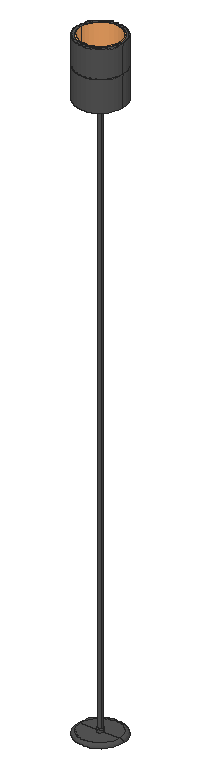
Revit family "MELO CYLINDER PENDANT LIGHT", category Lighting Fixtures, host Face, Revit 2020 (continued)
Types (16): name | Wattage_Input | Wattage Comments | Wattage | Voltage_Input | Size 08 | Size 06 | Size 04 | Selectable Wattage | Photometric Web File | Pendent Rod Length_1 | Pendent | Order number | built-in parameter 1150142 | Model | built-in parameter 1150105 | Lumens | built-in parameter 1150106 | Fixture Diameter | Canopy for Surface Mount J-box | Canopy for Recessed J-Box | Canopy Height | C2 H | C1 H | BEAMING ANGLE
    1.60 17775.45 \r\n 15425.62 13091.00 10821.40 8758.33  6903.90  5309.42  4032.41  3072.55  2472.20  2079.15  \r\n 1804.52  1600.51  1438.95  1313.67  1188.70  1078.42  974.13   878.99   795.29   722.06   \r\n 661.68   606.12   519.05   459.94   390.24   343.55   310.89   283.19   250.97   196.76   \r\n 156.96   136.31   115.85   104.86   96.59    90.36    85.15    79.30    67.75    58.51    \r\n 53.40    49.76    47.74    45.87    44.32    42.73    40.82    39.02    37.45    35.29    \r\n 33.57    31.79    30.09    28.39    26.74    25.16    23.60    22.11    20.66    19.25    \r\n 17.86    16.56    15.27    14.05    12.82    11.69    10.57    9.50     8.45     7.44     \r\n 6.49     5.55     4.63     3.74     2.92     2.11     1.36     0.63     0.15     0.14     \r\n 0.14     0.14     0.14     0.14     0.14     0.14     0.14     0.14     0.14     0.14     \r\n 0.14     0.14     0.14     0.15     0.15     0.16     0.17     0.17     0.19     0.20     \r\n 0.22     0.22     0.22     0.22     0.22     0.23     0.24     0.27     0.28     0.29     \r\n 0.30     0.32     0.36     0.36     0.42     0.45     0.47     0.50     0.55     0.59     \r\n 0.65     0.72     0.77     0.84     0.91     0.99     1.08     1.18     1.28     1.40     \r\n 1.54     1.70     1.89     2.15     2.46     2.85     3.33     3.90     4.57     5.35     \r\n 6.24     7.18     8.26     9.46     10.72    12.05    13.44    14.84    16.29    17.74    \r\n 19.17    20.53    21.85    23.09    24.25    25.29    26.17    26.92    27.53    28.02    \r\n 28.37    28.62    28.77    28.83    28.91    28.99    29.06    29.06    29.06    29.03    \r\n 29.49    \r\n28987.79 28895.87 28654.33 28290.88 27838.22 27168.91 26167.77 24857.62 23169.49 21227.28 \r\n 19009.39 16649.63 14214.30 11905.39 9597.87  7601.03  5916.12  4482.60  3402.48  2692.07  \r\n 2240.53  1934.01  1705.56  1526.75  1394.43  1262.61  1146.72  1040.15  939.44   846.38   \r\n 770.01   704.78   643.55   567.70   494.33   442.33   366.63   331.54   301.90   273.71   \r\n 220.82   174.69   149.37   124.31   111.43   101.97   94.83    89.19    83.80    74.67    \r\n 63.77    56.35    52.13    49.54    47.62    45.79    44.18    42.45    40.34    38.68    \r\n 36.82    35.04    33.24    31.44    29.72    28.02    26.36    24.76    23.20    21.68    \r\n 20.23    18.79    17.42    16.11    14.81    13.58    12.38    11.22    10.10    9.03     \r\n 7.99     6.97     6.03     5.07     4.16     3.30     2.45     1.67     0.91     0.24     \r\n 0.15     0.15     0.15     0.15     0.15     0.15     0.15     0.15     0.15     0.15     \r\n 0.15     0.15     0.15     0.15     0.16     0.17     0.17     0.19     0.21     0.21     \r\n 0.22     0.22     0.22     0.22     0.24     0.25     0.28     0.30     0.30     0.30     \r\n 0.30     0.31     0.39     0.39     0.39     0.44     0.44     0.48     0.53     0.59     \r\n 0.61     0.67     0.71     0.76     0.82     0.89     0.97     1.05     1.16     1.25     \r\n 1.35     1.48     1.64     1.80     2.04     2.33     2.68     3.11     3.61     4.20     \r\n 4.89     5.67     6.54     7.47     8.54     9.64     10.86    12.10    13.42    14.76    \r\n 16.08    17.45    18.78    20.05    21.24    22.37    23.42    24.32    25.08    25.69    \r\n 26.21    26.61    26.94    27.19    27.43    27.71    28.02    28.31    28.56    28.76    \r\n 29.49    \r\n28884.70 28784.85 28491.04 28195.93 27753.90 27086.66 26051.06 24705.40 23011.28 20992.49 \r\n 18720.20 16339.82 13913.70 11528.58 9318.65  7360.58  5709.34  4320.30  3474.52  2631.82  \r\n 2203.61  1908.55  1690.34  1517.40  1376.15  1255.19  1141.59  1035.20  935.51   843.81   \r\n 770.08   706.29   646.02   563.97   494.15   438.06   364.45   329.84   301.12   257.81   \r\n 214.48   169.90   140.62   122.42   109.74   100.67   93.73    88.26    82.81    73.27    \r\n 62.73    55.87    51.66    49.14    47.34    45.60    44.05    42.27    40.23    38.58    \r\n 36.66    34.91    33.08    31.30    29.55    27.87    26.20    24.59    23.04    21.51    \r\n 20.04    18.62    17.25    15.91    14.65    13.39    12.20    11.07    9.94     8.88     \r\n 7.82     6.83     5.89     4.98     4.08     3.22     2.39     1.60     0.84     0.16     \r\n 0.11     0.12     0.12     0.12     0.14     0.13     0.14     0.14     0.15     0.15     \r\n 0.15     0.16     0.17     0.18     0.18     0.18     0.19     0.20     0.20     0.21     \r\n 0.21     0.22     0.23     0.25     0.25     0.26     0.27     0.28     0.28     0.30     \r\n 0.33     0.34     0.35     0.37     0.41     0.43     0.46     0.50     0.53     0.57     \r\n 0.62     0.66     0.72     0.78     0.85     0.92     1.00     1.08     1.17     1.27     \r\n 1.39     1.52     1.66     1.84     2.07     2.36     2.71     3.13     3.64     4.23     \r\n 4.92     5.72     6.62     7.59     8.64     9.77     10.98    12.23    13.54    14.88    \r\n 16.24    17.60    18.92    20.19    21.39    22.47    23.47    24.35    25.12    25.73    \r\n 26.26    26.65    26.98    27.25    27.52    27.82    28.13    28.41    28.67    28.87    \r\n 29.49    \r\n28792.63 28634.78 28323.15 27963.59 27469.34 26698.05 25561.71 24120.58 22241.46 20162.99 \r\n 17809.50 15411.23 13025.37 10639.66 8547.63  6700.85  5173.77  3923.87  3037.54  2461.09  \r\n 2083.26  1818.36  1616.16  1454.99  1332.28  1209.99  1098.73  994.86   895.96   811.37   \r\n 743.19   681.62   624.50   532.25   476.01   395.33   350.64   318.94   290.81   252.67   \r\n 198.23   159.46   138.44   117.62   106.39   98.00    91.72    86.21    80.12    67.97    \r\n 59.06    53.99    50.43    48.36    46.51    44.98    43.51    41.68    40.05    38.28    \r\n 36.01    34.22    32.42    30.63    28.92    27.22    25.60    24.01    22.46    20.96    \r\n 19.53    18.10    16.74    15.44    14.19    12.97    11.80    10.66    9.56     8.53     \r\n 7.50     6.51     5.57     4.64     3.74     2.88     2.06     1.30     0.56     0.16     \r\n 0.15     0.15     0.15     0.15     0.15     0.15     0.15     0.15     0.15     0.15     \r\n 0.15     0.15     0.15     0.15     0.15     0.17     0.18     0.21     0.24     0.23     \r\n 0.24     0.24     0.24     0.24     0.24     0.24     0.28     0.30     0.30     0.30     \r\n 0.30     0.32     0.39     0.39     0.39     0.43     0.45     0.52     0.53     0.60     \r\n 0.62     0.68     0.73     0.82     0.90     0.97     1.02     1.11     1.20     1.30     \r\n 1.42     1.56     1.71     1.93     2.18     2.51     2.89     3.37     3.92     4.56     \r\n 5.31     6.13     7.04     8.03     9.15     10.30    11.53    12.81    14.15    15.51    \r\n 16.84    18.18    19.49    20.73    21.87    22.97    23.91    24.75    25.47    26.01    \r\n 26.50    26.86    27.16    27.40    27.70    28.03    28.37    28.67    28.90    29.10    \r\n 29.49    \r\n28729.34 28498.68 28266.85 27901.67 27416.33 26688.25 25574.02 24108.50 22256.68 20108.72 \r\n 17741.55 15318.40 12894.80 10586.92 8504.72  6694.97  5184.56  3937.92  3204.69  2474.02  \r\n 2090.60  1816.54  1612.57  1450.37  1316.01  1200.65  1091.40  986.70   887.57   800.67   \r\n 732.67   672.66   617.77   525.42   469.52   393.41   348.88   317.66   285.39   252.91   \r\n 197.25   158.83   134.18   118.68   106.93   98.26    91.77    86.27    80.11    68.06    \r\n 59.03    53.89    50.40    48.38    46.65    45.14    43.82    41.87    40.15    38.36    \r\n 36.00    34.23    32.42    30.65    28.90    27.24    25.58    23.99    22.46    20.93    \r\n 19.48    18.09    16.71    15.39    14.15    12.89    11.73    10.61    9.50     8.47     \r\n 7.44     6.47     5.53     4.63     3.74     2.89     2.07     1.29     0.55     0.12     \r\n 0.12     0.12     0.13     0.13     0.13     0.14     0.14     0.15     0.14     0.16     \r\n 0.16     0.16     0.17     0.17     0.18     0.18     0.19     0.20     0.20     0.21     \r\n 0.21     0.22     0.23     0.23     0.25     0.26     0.27     0.28     0.28     0.31     \r\n 0.32     0.34     0.36     0.39     0.42     0.44     0.48     0.51     0.56     0.59     \r\n 0.65     0.71     0.78     0.82     0.89     0.96     1.05     1.14     1.23     1.33     \r\n 1.45     1.59     1.73     1.95     2.20     2.52     2.89     3.36     3.92     4.54     \r\n 5.29     6.15     7.10     8.11     9.22     10.39    11.62    12.91    14.25    15.61    \r\n 16.97    18.33    19.64    20.88    22.07    23.14    24.10    24.96    25.65    26.23    \r\n 26.70    27.08    27.40    27.72    28.06    28.40    28.70    29.05    29.31    29.49    \r\n 29.49    \r\n28648.12 28443.62 28126.86 27734.87 27254.15 26538.40 25421.24 23989.57 22073.61 19943.87 \r\n 17538.94 15112.35 12759.99 10408.47 8354.79  6560.96  5060.16  3849.91  2994.51  2430.14  \r\n 2055.26  1788.52  1587.24  1426.55  1304.23  1182.34  1071.74  968.89   868.84   783.52   \r\n 714.62   656.09   602.47   509.20   453.46   385.20   344.43   313.17   283.98   246.99   \r\n 194.04   157.22   137.31   117.60   106.76   98.09    91.44    85.90    79.83    67.73    \r\n 58.62    53.58    50.20    48.21    46.54    45.09    43.67    41.69    40.03    38.21    \r\n 35.88    34.10    32.30    30.52    28.81    27.11    25.50    23.91    22.37    20.88    \r\n 19.43    18.02    16.66    15.36    14.10    12.88    11.73    10.60    9.51     8.47     \r\n 7.44     6.46     5.51     4.58     3.70     2.83     2.01     1.25     0.49     0.16     \r\n 0.15     0.15     0.16     0.15     0.15     0.15     0.15     0.15     0.15     0.15     \r\n 0.17     0.17     0.17     0.17     0.17     0.17     0.18     0.21     0.22     0.23     \r\n 0.23     0.23     0.23     0.23     0.23     0.24     0.27     0.28     0.30     0.30     \r\n 0.30     0.34     0.38     0.38     0.39     0.45     0.46     0.54     0.54     0.58     \r\n 0.67     0.68     0.76     0.83     0.88     0.96     1.03     1.12     1.22     1.34     \r\n 1.46     1.58     1.75     1.95     2.22     2.55     2.95     3.43     3.99     4.66     \r\n 5.41     6.26     7.18     8.19     9.31     10.50    11.76    13.05    14.40    15.76    \r\n 17.10    18.45    19.77    20.99    22.15    23.24    24.17    24.98    25.67    26.23    \r\n 26.73    27.16    27.53    27.87    28.20    28.54    28.86    29.18    29.38    29.51    \r\n 29.49    \r\n28598.50 28373.56 28147.18 27757.53 27320.96 26685.00 25678.65 24298.80 22517.72 20415.69 \r\n 18086.65 15668.73 13251.25 10944.08 8835.76  6994.50  5429.65  4086.78  3306.38  2528.77  \r\n 2126.51  1842.07  1630.27  1459.44  1320.14  1199.90  1087.33  982.51   881.74   787.97   \r\n 716.65   655.78   602.56   513.98   451.90   399.53   347.94   315.81   284.64   253.27   \r\n 201.62   161.36   135.90   119.94   108.57   99.64    92.69    87.06    81.21    70.64    \r\n 60.51    54.48    50.59    48.38    46.59    44.97    43.57    41.83    39.95    38.39    \r\n 36.24    34.51    32.71    30.97    29.22    27.54    25.88    24.28    22.74    21.21    \r\n 19.74    18.34    16.97    15.64    14.39    13.13    11.97    10.85    9.75     8.67     \r\n 7.63     6.66     5.72     4.82     3.91     3.05     2.22     1.43     0.68     0.12     \r\n 0.12     0.13     0.13     0.13     0.14     0.14     0.14     0.14     0.15     0.16     \r\n 0.16     0.16     0.17     0.17     0.18     0.18     0.19     0.20     0.20     0.21     \r\n 0.21     0.22     0.23     0.23     0.25     0.25     0.27     0.28     0.29     0.30     \r\n 0.32     0.34     0.35     0.38     0.41     0.43     0.47     0.50     0.55     0.59     \r\n 0.64     0.70     0.75     0.81     0.88     0.95     1.04     1.12     1.21     1.31     \r\n 1.43     1.57     1.72     1.90     2.15     2.46     2.83     3.28     3.81     4.43     \r\n 5.18     6.01     6.96     7.95     9.05     10.20    11.43    12.73    14.05    15.40    \r\n 16.75    18.11    19.43    20.69    21.87    22.95    23.93    24.80    25.55    26.18    \r\n 26.72    27.17    27.58    27.91    28.20    28.49    28.73    28.96    29.17    29.35    \r\n 29.49    \r\n28451.53 28275.02 27967.82 27571.30 27109.05 26444.27 25410.85 24017.17 22175.57 20097.54 \r\n 17757.92 15382.92 13065.12 10747.96 8706.84  6890.61  5347.46  4039.30  3100.27  2492.74  \r\n 2094.87  1817.56  1608.19  1438.96  1310.43  1182.35  1069.76  965.56   861.58   769.40   \r\n 700.15   641.01   589.83   497.81   439.02   387.09   341.90   310.54   280.89   250.67   \r\n 199.18   160.39   139.75   119.34   108.09   99.27    92.50    86.74    80.86    69.64    \r\n 60.19    54.26    50.34    48.12    46.20    44.67    43.15    41.42    39.53    37.94    \r\n 36.11    34.38    32.60    30.85    29.14    27.43    25.80    24.21    22.66    21.16    \r\n 19.72    18.29    16.93    15.63    14.37    13.15    11.98    10.84    9.75     8.70     \r\n 7.67     6.67     5.73     4.79     3.89     3.03     2.18     1.40     0.64     0.17     \r\n 0.16     0.16     0.16     0.16     0.16     0.16     0.16     0.16     0.16     0.16     \r\n 0.16     0.16     0.16     0.16     0.17     0.17     0.19     0.21     0.22     0.23     \r\n 0.23     0.23     0.23     0.23     0.23     0.24     0.25     0.27     0.29     0.29     \r\n 0.30     0.33     0.36     0.36     0.40     0.43     0.45     0.53     0.53     0.58     \r\n 0.64     0.68     0.73     0.80     0.87     0.95     1.02     1.11     1.19     1.31     \r\n 1.42     1.56     1.71     1.92     2.17     2.49     2.88     3.35     3.89     4.53     \r\n 5.28     6.10     7.01     8.00     9.12     10.29    11.54    12.83    14.18    15.54    \r\n 16.87    18.21    19.52    20.74    21.92    23.03    24.01    24.86    25.58    26.17    \r\n 26.70    27.13    27.50    27.83    28.10    28.43    28.69    28.95    29.20    29.36    \r\n 29.49    \r\n" | "MELO08R-SP30801-10D-24-GD-BK" | 477.33 (stored number, unit not read) | 6000 lm | 4.7733 (stored number, unit not read) | 0' - 7 205/256" | no | yes | 0' - 0 1/2" | 0' - 3 115/128" | 0' - 3 205/256" | 24.00°
